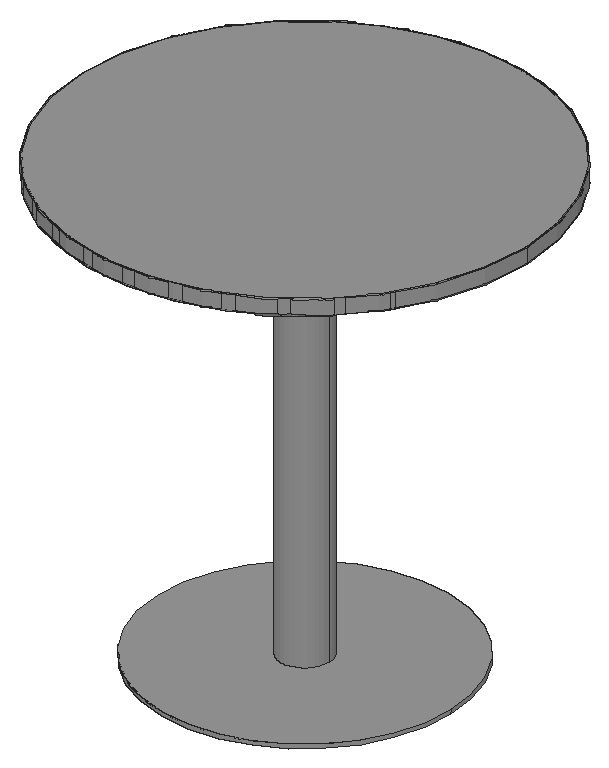
Revit family "Inklud 36in Round 36H Pedestal Base Table", category Furniture, Revit 2018
Family settings
  OmniClass Number = 23.40.20.00
  OmniClass Title = General Furniture and Specialties
  Work Plane-Based = No
  Always vertical = Yes
  Cut with Voids When Loaded = No
  Shared = No
  Room Calculation Point = No
Parameters
  Surface = Inklud 36" Round 36"H Pedestal Table Surface
  Edgeband = Inklud 36" Round 36"H Pedestal Table Edgeband
Reference planes (in)
  plane 1 "Center Front/Back": y = 0
  plane 2: z = 0
  plane 3 "Center Left/Right": x = 0
Forms (in)
  Extrusion 1, solid, material "Inklud Table Frame Platinum"
    sketch origin (0, 0, 0) x (1, 0, 0) y (0, 1, 0)
      loop
        circle (0, 0) r 2
    from 0.31496 to 34.62706
  Extrusion 2, solid, material "Inklud Table Frame Platinum"
    sketch origin (0, 0, 0) x (1, 0, 0) y (0, 1, 0)
      loop
        circle (0, 0) r 11.87315
    from 0 to 0.31496
  Extrusion 3, solid, material "Inklud Table Frame Platinum"
    sketch origin (0, 0, 6.99895) x (1, 0, 0) y (0, 1, 0)
      loop
        line (-6, 6) -> (-6, -6) -> (6, -6) -> (6, 6) -> (-6, 6)
    from 27.62811 to 27.86433
Dimensions and locks (in)
  aligned and locked: level to plane 2
Nested families (in)
  nested 1: "Inklud 36in Round Tabletop" at (0, 0, 7.20673), type "Inklud 36in Round Tabletop"
Definition of nested family "Inklud 36in Round Tabletop"
  Parameters (values of type "Inklud 36in Round Tabletop")
    Surface = none
    Edgeband = none
  Reference planes (in)
    plane 1 "Center (Front/Back)": y = 0
    plane 2: z = 0
    plane 3 "Center (Left/Right)": x = 0
  Forms (in)
    Extrusion 1, solid, material <- "Surface"
      sketch origin (0, 0, 0) x (1, 0, 0) y (0, 1, 0)
        loop
          circle (0, 0) r 18
      from 27.65655 to 28.90655
    Sweep 2, solid, material <- "Edgeband"
      path origin (0, 0, 0) x (1, 0, 0) y (0, 1, 0)
        loop
          circle (0, 0) r 18
      profile origin (0, 18, 0) x (0, -1, 0) y (0, 0, 1)
        loop
          arc (0, 28.90655) -> (-0.03536, 28.8919) -> (-0.05, 28.85655) r 0.05
          line (-0.05, 28.85655) -> (-0.05, 27.70655)
          arc (-0.05, 27.70655) -> (-0.03536, 27.67119) -> (0, 27.65655) r 0.05
          line (0, 27.65655) -> (0, 28.90655)
  Dimensions and locks (in)
    aligned and locked: plane 2 to level
